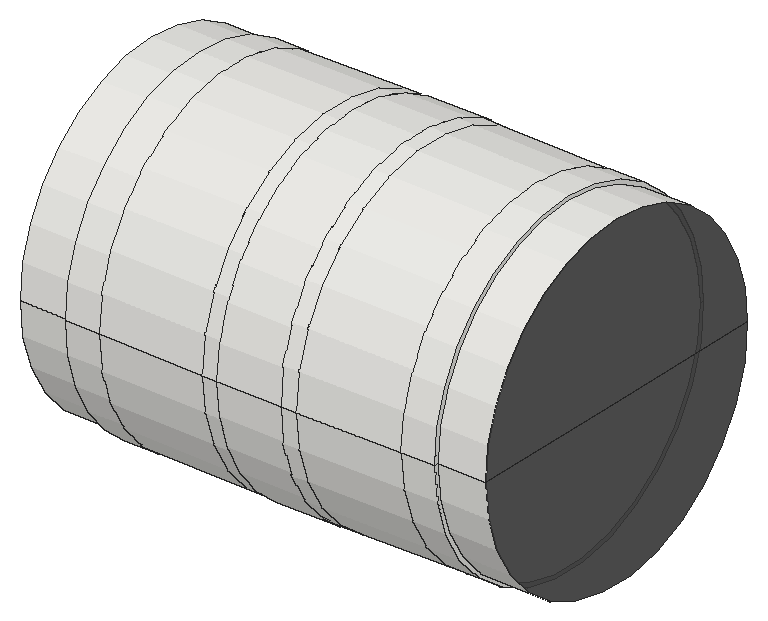
Revit family "HARMANN-Wentylator-Harmann-ML-EC-A_Wywiewny", category Wyposażenie mechaniczne, Revit 2022
Family settings
  Wymiar okrągłego złącza = Użyj średnicy
  Typ części = Dzieli na
  Oparty na płaszczyźnie roboczej = Nie
  Zawsze pionowo = Tak
  Tnij formami wycięć po wczytaniu = Nie
  Zachowaj orientację opisów = Nie
  Współdzielony = Nie
  Punkt obliczania pomieszczeń = Nie
Parameters (values of type "ML EC.A 315/2100")
  wz_a0 = 157.5 mm
  wz [instance] = wz_a0  # 157.5 mm
  wy_a0 = 53.9 mm
  wy [instance] = wy_a0  # 53.9 mm
  wx_a0 = 0.0 mm
  wx [instance] = wx_a0  # 0.0 mm
  s1 = dn  # 315.0 mm
  n1_γ1 [instance] = Określ Kąt Obrotu Korpusu Wentylatora - rounddown(Określ Kąt Obrotu Korpusu Wentylatora / 360.00°) * 360.00°  # 0.00°
  l2_a0 = 177.0 mm
  l2 [instance] = l2_a0  # 177.0 mm
  l1_a0 = 177.0 mm
  l1 [instance] = l1_a0  # 177.0 mm
  dn = 315.0 mm
  Zasilanie Współczynnik Mocy = 0.41
  Zasilanie Rodzaj Sterowania = "Sterowanie napięciem 0-10V"
  Zasilanie Natężenie = 2.7 A
  Zasilanie Napięcie Nominalne = 230 V
  Zasilanie Moc Pozorna = 621 VA
  Zasilanie Moc = 254 W
  Zasilanie Konfiguracja Uzwojeń = "n/d"
  Zasilanie Ilość Faz = 1
  Zasilanie Częstotliwość Nominalna = 50 Hz
  Uwaga Użytkownika [instance] = ""
  Uwaga Układ [instance] = ""
  Uwaga Oznaczenie [instance] = ""
  Uwaga Ostrzeżenie [instance] = ""
  Typoszereg Symbol [instance] = "ML EC.A"  # constant formula
  Typoszereg Nazwa [instance] = "Wentylator Kanałowy ML EC.A"  # constant formula
  Systematyka Rodzaj = "Wentylator Kanałowy"  # constant formula
  Systematyka Klasa = "Wentylator"  # constant formula
  Systematyka Dziedzina = "Instalacje Wentylacyjne"  # constant formula
  Systematyka Branża = "Instalacje Sanitarne"  # constant formula
  Punkt Pracy Wentylatora Warunki Nominalne [instance] = "Parametry mechaniczne określone z uwzględnieniem dedykowanej regulacji"  # constant formula
  Prt Komponent N2 = GE-Komponent-ParaForma-Harmann-ML-N2a : 315/2100
  Prt Komponent N1 = GE-Komponent-ParaForma-Harmann-ML-N1a : ML EC.A 315/2100
  Producent URL = ""
  Producent Nazwa = "Harmann Polska Sp. z o.o."  # constant formula
  Powietrze Wywiewane Temperatura Rzeczywista Wylot [instance] = Podaj Rzeczywistą Temperaturę Powietrza  # -273.15 °C
  Powietrze Wywiewane Temperatura Rzeczywista Wlot [instance] = Podaj Rzeczywistą Temperaturę Powietrza  # -273.15 °C
  Powietrze Wywiewane Temperatura Maksymalna = 50.0 °C
  Powietrze Wywiewane Przepływ Rzeczywisty Wylot [instance] = Powietrze Wywiewane Przepływ Rzeczywisty Wlot  # 0 m³/h
  Powietrze Wywiewane Przepływ Rzeczywisty Wlot [instance] = 0 m³/h
  Powietrze Wywiewane Przepływ Nominalny = 1000 m³/h
  Powietrze Wywiewane Przepływ Maksymalny = 2100 m³/h
  Powietrze Wywiewane Poziom Mocy Akustycznej Rzeczywisty Wylot [instance] = Podaj Rzeczywisty Poziom Mocy Akustycznej na Wylocie  # 0
  Powietrze Wywiewane Poziom Mocy Akustycznej Rzeczywisty Wlot [instance] = Podaj Rzeczywisty Poziom Mocy Akustycznej na Wlocie  # 0
  Powietrze Wywiewane Poziom Mocy Akustycznej Nominalny Wylot = 64
  Powietrze Wywiewane Poziom Mocy Akustycznej Nominalny Wlot = 61
  Powietrze Wywiewane Ciśnienie Statyczne Rzeczywiste [instance] = 0.0 Pa
  Powietrze Wywiewane Ciśnienie Statyczne Nominalne = 150.0 Pa
  Powietrze Wywiewane Ciśnienie Statyczne Maksymalne = 700.0 Pa
  Podaj Rzeczywistą Temperaturę Powietrza [instance] = -273.15 °C
  Podaj Rzeczywistą Temperaturę Otoczenia [instance] = -273.15 °C
  Podaj Rzeczywisty Spręż Wentylatora [instance] = 0.0 Pa
  Podaj Rzeczywisty Poziom Mocy Akustycznej od Obudowy [instance] = 0
  Podaj Rzeczywisty Poziom Mocy Akustycznej na Wylocie [instance] = 0
  Podaj Rzeczywisty Poziom Mocy Akustycznej na Wlocie [instance] = 0
  Podaj Rzeczywiste Opory Instalacji [instance] = 0.0 Pa
  Otoczenie Temperatura Rzeczywista [instance] = Podaj Rzeczywistą Temperaturę Otoczenia  # -273.15 °C
  Otoczenie Temperatura Minimalna = -20.0 °C
  Otoczenie Temperatura Maksymalna = 50.0 °C
  Otoczenie Poziom Mocy Akustycznej Rzeczywisty Obudowa [instance] = Podaj Rzeczywisty Poziom Mocy Akustycznej od Obudowy  # 0
  Otoczenie Poziom Mocy Akustycznej Nominalny Obudowa = 54
  Otoczenie Poziom Ciśnienia Akustycznego Nominalny z 03 m = 47
  Otoczenie Poziom Ciśnienia Akustycznego Nominalny z 01 m = 50
  Keynote = "ML EC.A 315/2100"
  Opis = "Kanałowy wentylator EC"
  Określ Kąt Obrotu Korpusu Wentylatora [instance] = 0.00°
  Object Version = "1.00"  # constant formula
  Object URL = ""
  Object Revit = "2017"  # constant formula
  Object Language = "PL"  # constant formula
  Object ID = "F000054RFAPL"  # constant formula
  Object Destination = "PL"  # constant formula
  Object Date = "2018.11.30"  # constant formula
  Model = "ML EC.A 315/2100"
  Masa Netto = 8.5 kg
  Producent = "Harmann Polska Sp. z o.o."  # constant formula
  Kod Zamówienia = "ML EC.A 315/2100"
  Kod Typoszereg = "ML EC.A"  # constant formula
  Kod Producent = "Harmann"  # constant formula
  Kod Numer Katalogowy = "03152100"
  IfcExportType = "NOTDEFINED"  # constant formula
  IfcExportAs = "IfcFanType"  # constant formula
  Domyślna rzędna = 0.0 mm
  Copyright URL = ""
  Copyright = "© Harmann Polska Sp. z o.o. Wszelkie prawa zastrzeżone."
  Autor URL = ""
  Autor Nazwa = ""
Types (6, lengths in mm): name | wz_a0 | wz | s1 | l2_a0 | l2 | l1_a0 | l1 | dn | Zasilanie Współczynnik Mocy | Zasilanie Natężenie | Zasilanie Moc Pozorna | Zasilanie Moc | Prt Komponent N2 | Prt Komponent N1 | Powietrze Wywiewane Przepływ Nominalny | Powietrze Wywiewane Przepływ Maksymalny | Powietrze Wywiewane Poziom Mocy Akustycznej Nominalny Wylot | Powietrze Wywiewane Poziom Mocy Akustycznej Nominalny Wlot | Powietrze Wywiewane Ciśnienie Statyczne Nominalne | Powietrze Wywiewane Ciśnienie Statyczne Maksymalne | Otoczenie Poziom Mocy Akustycznej Nominalny Obudowa | Otoczenie Poziom Ciśnienia Akustycznego Nominalny z 03 m | Otoczenie Poziom Ciśnienia Akustycznego Nominalny z 01 m | Keynote | Opis | Model | Masa Netto | Kod Zamówienia | Kod Numer Katalogowy | Copyright
  ML EC.A 100/280 | 88.5 | 88.5 | 100.0 | 119.0 | 119.0 | 119.0 | 119.0 | 100.0 | 0.35 | 0.25 A | 57.5 VA | 20 W | GE-Komponent-ParaForma-Harmann-ML-N2a : 100/280 | GE-Komponent-ParaForma-Harmann-ML-N1a : ML EC.A 100/280 | 150 m³/h | 280 m³/h | 53 | 52 | 60.0 Pa | 160.0 Pa | 42 | 35 | 38 | "ML EC.A 100/280" | "Kanałowy wentylator  EC" | "ML EC.A 100/280" | 2.0 kg | "ML EC.A 100/280" | "01002800" | "© Harmann Polska Sp. z o.o.  Wszelkie prawa zastrzeżone."
  ML EC.A 125/300 | 88.5 | 88.5 | 125.0 | 99.5 | 99.5 | 99.5 | 99.5 | 125.0 | 0.21 | 0.27 A | 61 VA | 18 W | GE-Komponent-ParaForma-Harmann-ML-N2a : 125/300 | GE-Komponent-ParaForma-Harmann-ML-N1a : ML EC.A 125/300 | 200 m³/h | 300 m³/h | 55 | 55 | 50.0 Pa | 140.0 Pa | 41 | 34 | 37 | "ML EC.A 125/300" | "Kanałowy wentylator  EC" | "ML EC.A 125/300" | 1.8 kg | "ML EC.A 125/300" | "01253000" | "© Harmann Polska Sp. z o.o.  Wszelkie prawa zastrzeżone."
  ML EC.A 150-160/530 | 99.5 | 99.5 | 160.0 | 145.0 | 145.0 | 145.0 | 145.0 | 160.0 | 0.62 | 0.35 A | 80 VA | 50 W | GE-Komponent-ParaForma-Harmann-ML-N2a : 150-160/530 | GE-Komponent-ParaForma-Harmann-ML-N1a : ML EC.A 150-160/530 | 350 m³/h | 530 m³/h | 58 | 55 | 80.0 Pa | 350.0 Pa | 43 | 36 | 439 | "ML EC.A 150-160/550" | "Kanałowy wentylator  EC" | "ML EC.A 150-160/550" | 2.7 kg | "ML EC.A 150-160/550" | "01505300" | "© Harmann Polska Sp. z o.o. Wszelkie prawa zastrzeżone."
  ML EC.A 200/1150 | 111.0 | 111.0 | 200.0 | 120.0 | 120.0 | 120.0 | 120.0 | 200.0 | 0.68 | 1.05 A | 241 VA | 165 W | GE-Komponent-ParaForma-Harmann-ML-N2a : 200/1150 | GE-Komponent-ParaForma-Harmann-ML-N1a : ML EC.A 200/1150 | 700 m³/h | 1100 m³/h | 62 | 60 | 100.0 Pa | 450.0 Pa | 48 | 41 | 44 | "ML EC.A 200/950" | "Kanałowy wentylator EC" | "ML EC.A 200/950" | 4.3 kg | "ML EC.A 200/950" | "02001150" | "© Harmann Polska Sp. z o.o. Wszelkie prawa zastrzeżone."
  ML EC.A 250/1650 | 111.0 | 111.0 | 250.0 | 159.5 | 159.5 | 159.5 | 159.5 | 250.0 | 0.42 | 2.7 A | 614 VA | 255 W | GE-Komponent-ParaForma-Harmann-ML-N2a : 250/1650 | GE-Komponent-ParaForma-Harmann-ML-N1a : ML EC.A 250/1650 | 900 m³/h | 1600 m³/h | 60 | 59 | 120.0 Pa | 600.0 Pa | 51 | 44 | 47 | "ML EC.A 250/1650" | "Kanałowy wentylator EC" | "ML EC.A 250/1650" | 6.5 kg | "ML EC.A 250/1650" | "02501650" | "© Harmann Polska Sp. z o.o.  Wszelkie prawa zastrzeżone."
  ML EC.A 315/2100 | 157.5 | 157.5 | 315.0 | 177.0 | 177.0 | 177.0 | 177.0 | 315.0 | 0.41 | 2.7 A | 621 VA | 254 W | GE-Komponent-ParaForma-Harmann-ML-N2a : 315/2100 | GE-Komponent-ParaForma-Harmann-ML-N1a : ML EC.A 315/2100 | 1000 m³/h | 2100 m³/h | 64 | 61 | 150.0 Pa | 700.0 Pa | 54 | 47 | 50 | "ML EC.A 315/2100" | "Kanałowy wentylator EC" | "ML EC.A 315/2100" | 8.5 kg | "ML EC.A 315/2100" | "03152100" | "© Harmann Polska Sp. z o.o. Wszelkie prawa zastrzeżone."
Reference planes
  plane 1 "XZC00": y = 0
  plane 2 "XYC00": z = 0
  plane 3 "YZC00": x = 0
  plane 4 "YZN99": x = -1000
  plane 5 "XZN99": y = -1000
  plane 6 "XYP99": z = 1000
  plane 7 "XYN99": z = -1000
  plane 8 "YZP99": x = 1000
  plane 9 "XZP99": y = 1000
  plane 10 "XZP01": y = 0
  plane 11 "YZP01": x = 0
  plane 12 "XYP01": z = 0
  plane 13 "YZP41": x = 0
Lines and regions (mm)
  reference lines
    curve 1: line (0, -100, 0) -> (0, 0, 0)
    curve 2: line (0, 0, 0) -> (0, 0, -100)
    curve 3: line (-177, 0, 0) -> (0, 0, 0)
    curve 4: line (0, 0, 0) -> (177, 0, 0)
    curve 5: line (0, 0, -157.5) -> (0, 0, 0)
    curve 6: line (0, 0, -157.5) -> (0, 53.9, -157.5)
Dimensions and locks
  locked: curve 1 to curve 1 at 100
  locked: curve 2 to curve 2 at 100
  "l1": curve 3 to plane 11 "YZP01"
  "l2": plane 11 "YZP01" to curve 4
  "wz": curve 5 to curve 5
  "wy": curve 5 to curve 6
  "wx": plane 11 "YZP01" to plane 13 "YZP41"
  "n1_γ1": angle curve 1 to plane 12 "XYP01"
  "n1_γ1": angle nested 1 to plane 12 "XYP01"
  "n1_γ1": angle curve 2 to plane 10 "XZP01"
  "n1_γ1": angle curve 5 to plane 10 "XZP01"
  "n1_γ1": angle curve 6 to plane 12 "XYP01"
  aligned and locked: level to plane 2 "XYC00"
  aligned and locked: curve 1 to nested 1
  aligned and locked: plane 12 "XYP01" to curve 2
  aligned and locked: plane 10 "XZP01" to curve 2
  aligned and locked: nested 1 to curve 2
  aligned and locked: plane 3 "YZC00" to plane 11 "YZP01"
  aligned and locked: plane 10 "XZP01" to plane 1 "XZC00"
  aligned and locked: plane 12 "XYP01" to plane 2 "XYC00"
  aligned and locked: curve 3 to plane 10 "XZP01"
  aligned and locked: plane 11 "YZP01" to curve 4
  aligned and locked: curve 4 to plane 10 "XZP01"
  aligned and locked: plane 12 "XYP01" to curve 5
  aligned and locked: plane 10 "XZP01" to curve 5
  aligned and locked: plane 12 "XYP01" to nested 2
  aligned and locked: plane 10 "XZP01" to nested 2
  aligned and locked: plane 11 "YZP01" to nested 2
Nested families
  nested 1: "GE-Komponent-ParaForma-Harmann-ML-N1a" at (0, 0, 0), type <- "Prt Komponent N1", type "ML EC.A 315/2100"
    with p3_r2 111.5 mm, p3_l2 45.0 mm, p3_h2 131.5 mm, p1_w6 45.0 mm, p1_w5 145.0 mm, p1_w3 177.0 mm, p1_w1 223.0 mm, p1_h7 162.5 mm, p1_h6 162.0 mm, p1_h4 161.0 mm, p1_h2 157.5 mm
  nested 2: "GE-Symbol-ParaForma-Harmann-Wentylator-Kanałowy" at (0, 0, 0), l1 <- "l1", l2 <- "l2", s <- "s1", type "Harmann"
    with s100 315.0 mm, s075 236.25 mm, s050 157.5 mm, s025 78.75 mm, s000 75.0 mm, s 315.0 mm, l2_a1 177.0 mm, l2_a0 157.5 mm, l2 177.0 mm, l1_a1 177.0 mm, l1_a0 157.5 mm, l1 177.0 mm, Vis YP yes, Vis XP no, Vis XN no, Podłączenie Indeks 1
Connectors
  hvac at (-177, 0, 0), driven by "Powietrze Wywiewane Przepływ Rzeczywisty Wlot", driven by "dn"
    settings: on curve 3, index 1, duct flow 0 m³/h, flow factor 0, pres drop 0.0 Pa, loss coef 0, conn angle 0.00°, conn width 250 mm, conn height 250 mm, conn diameter 315 mm, duct sys type 29, conn prof type 0, flow config 0, flow direction 1, loss method 0, conn ref index -1, conn util no, is conn primary yes, conn desc ""
  hvac at (177, 0, 0), driven by "Powietrze Wywiewane Przepływ Rzeczywisty Wylot", driven by "dn"
    settings: on curve 4, index 2, duct flow 0 m³/h, flow factor 0, pres drop 0.0 Pa, loss coef 0, conn angle 0.00°, conn width 250 mm, conn height 250 mm, conn diameter 315 mm, duct sys type 29, conn prof type 0, flow config 1, flow direction 2, loss method 0, conn ref index -1, conn util no, is conn primary no, conn desc ""
  electrical at (0, 53.9, -157.5), driven by "Zasilanie Napięcie Nominalne", driven by "Zasilanie Moc Pozorna", driven by "Zasilanie Współczynnik Mocy", driven by "Zasilanie Ilość Faz"
    settings: on curve 6, index 3, voltage 230 V, apparent load 621 VA, apparent load phase1 0 VA, apparent load phase2 0 VA, apparent load phase3 0 VA, power factor 0.41, load classification "HVAC", number of poles 1, system type 30, power factor state 1, is connector primary yes, connector utility no, sub classification motor no, connector description ""
Definition of nested family "GE-Komponent-ParaForma-Harmann-ML-N1a"
  Parameters (values of type "160/550")
    p3_w1 = 55.0 mm
    p3_r2 = 100.0 mm
    p3_l2 = 22.9 mm
    p3_h2 = 121.5 mm
    p1_w7 = 30.3 mm
    p1_w6 = 37.9 mm
    p1_w5 = 123.0 mm
    p1_w3 = 133.3 mm
    p1_w1 = 175.0 mm
    p1_h7 = 100.0 mm
    p1_h6 = 94.6 mm
    p1_h4 = 83.9 mm
    p1_h2 = 80.0 mm
    Vis Komponent = yes
    Producent URL = "http://www.paraforma.pl/M0003PL"
    Producent Nazwa = "Harmann Polska Sp. z o.o."  # constant formula
    Object Version = "1.00"  # constant formula
    Object Revit = "2017"  # constant formula
    Object Language = "PL"  # constant formula
    Object Destination = "PL"  # constant formula
    Object Date = "2018.11.30"  # constant formula
    Manufacturer = "Harmann Polska Sp. z o.o."  # constant formula
    Default Elevation = 0.0 mm
    Copyright URL = "http://www.paraforma.pl/copyright"
    Copyright = "© Harmann Polska Sp. z o.o. & ParaForma Bartosz Pawłowski. Wszelkie prawa zastrzeżone."  # constant formula
    Autor URL = "http://www.paraforma.pl/"
    Autor Nazwa = "ParaForma Bartosz Pawłowski"  # constant formula
  Types (8, lengths in mm): name | p3_r2 | p3_h2 | p1_w5 | p1_w3 | p1_w1 | p1_h7 | p1_h6 | p1_h4 | p1_h2
    100/300 | 89.0 | 105.0 | 97.0 | 107.3 | 149.0 | 89.0 | 83.6 | 53.9 | 50.0
    100/300T | 89.0 | 105.0 | 97.0 | 107.3 | 149.0 | 89.0 | 83.6 | 53.9 | 50.0
    125/350 | 89.0 | 105.0 | 77.5 | 87.8 | 129.5 | 89.0 | 83.9 | 66.4 | 62.5
    150/550 | 100.0 | 121.5 | 123.0 | 133.3 | 175.0 | 100.0 | 94.9 | 78.9 | 75.0
    150/550T | 100.0 | 121.5 | 123.0 | 133.3 | 175.0 | 100.0 | 94.9 | 78.9 | 75.0
    160/550 | 100.0 | 121.5 | 123.0 | 133.3 | 175.0 | 100.0 | 94.6 | 83.9 | 80.0
    160/550T | 100.0 | 121.5 | 123.0 | 133.3 | 175.0 | 100.0 | 94.6 | 83.9 | 80.0
    200/950 | 111.5 | 131.5 | 98.0 | 108.3 | 150.0 | 111.5 | 106.1 | 103.9 | 100.0
  Reference planes
    plane 1 "XZC00": y = 0
    plane 2 "XYC00": z = 0
    plane 3 "YZC00": x = 0
    plane 4 "YZN99": x = -1000
    plane 5 "XZN99": y = -1000
    plane 6 "XYP99": z = 1000
    plane 7 "XYN99": z = -1000
    plane 8 "YZP99": x = 1000
    plane 9 "XZP99": y = 1000
    plane 10 "XZC01": y = 0
    plane 11 "YZC01": x = 0
    plane 12 "XYC01": z = 0
    plane 13 "XZC02": y = 0
    plane 14 "YZC02": x = 0
    plane 15 "XYC02": z = 0
  Forms (mm)
    Revolve 1, solid, detail levels fine
      sketch origin (0, 0, 0) x (1, 0, 0) y (0, 1, 0)
        loop
          line (-175, 0) -> (175, 0) -> (175, 80) -> (133.3, 80) -> (133.3, 83.9) -> (123, 83.9) -> (37.9, 94.6) -> (30.3, 100) -> (-30.3, 100) -> (-37.9, 94.6) -> (-123, 83.9) -> (-133.3, 83.9) -> (-133.3, 80) -> (-175, 80) -> (-175, 0)
        axis (-175, 0) -> (175, 0)
      angle from 0 to 360
    Sweep 2, solid, detail levels fine
      path origin (0, 0, 0) x (1, 0, 0) y (0, 1, 0)
        loop
          line (-22.9, 0) -> (22.9, 0)
      profile origin (0, 0, 0) x (0, 1, 0) y (0, 0, 1)
        loop
          line (55, 0) -> (-55, 0) -> (-55, -121.5)
          arc (-55, -121.5) -> (0, -137.984) -> (55, -121.5) r 100
          line (55, -121.5) -> (55, 0)
    Revolve 3, solid, detail levels medium
      sketch origin (3000, 0, 0) x (1, 0, 0) y (0, 1, 0)
        loop
          line (-3175, 0) -> (-2825, 0) -> (-2825, 80) -> (-2866.7, 80) -> (-2866.7, 83.9) -> (-2969.7, 100) -> (-3030.3, 100) -> (-3133.3, 83.9) -> (-3133.3, 80) -> (-3175, 80) -> (-3175, 0)
        axis (-3175, 0) -> (-2825, 0)
      angle from 0 to 360
  Cuts and joins
    joined: Revolve 1, Sweep 2
  Dimensions and locks
    "p1_w1": Revolve 1 sketch curve to plane 11 "YZC01"  (x2)
    "p1_w1": plane 11 "YZC01" to Revolve 1 sketch curve  (x2)
    "p1_w7": Revolve 1 sketch curve to plane 11 "YZC01"
    "p1_w7": plane 11 "YZC01" to Revolve 1 sketch curve
    "p1_w3": Revolve 1 sketch curve to plane 11 "YZC01"
    "p1_w3": plane 11 "YZC01" to Revolve 1 sketch curve
    "p1_h7": Revolve 1 sketch curve to plane 10 "XZC01"
    "p1_h2": plane 10 "XZC01" to Revolve 1 sketch curve  (x2)
    "p1_h4": plane 10 "XZC01" to Revolve 1 sketch curve  (x2)
    "p1_w5": Revolve 1 sketch curve to plane 11 "YZC01"
    "p1_w5": plane 11 "YZC01" to Revolve 1 sketch curve
    "p1_h6": Revolve 1 sketch curve to plane 10 "XZC01"  (x2)
    "p1_w6": Revolve 1 sketch curve to plane 11 "YZC01"
    "p1_w6": plane 11 "YZC01" to Revolve 1 sketch curve
    "p3_l2": Sweep 2 sketch curve to plane 11 "YZC01"
    "p3_l2": plane 11 "YZC01" to Sweep 2 sketch curve
    "p3_w1": Sweep 2 sketch curve to profile plane
    "p3_w1": profile plane to Sweep 2 sketch curve
    "p3_h2": profile plane to Sweep 2 sketch curve  (x2)
    "p1_w1": Revolve 3 sketch curve to plane 14 "YZC02"  (x2)
    "p1_w1": plane 14 "YZC02" to Revolve 3 sketch curve  (x2)
    "p1_w7": Revolve 3 sketch curve to plane 14 "YZC02"
    "p1_w7": plane 14 "YZC02" to Revolve 3 sketch curve
    "p1_w3": Revolve 3 sketch curve to plane 14 "YZC02"
    "p1_w3": plane 14 "YZC02" to Revolve 3 sketch curve
    "p1_h7": Revolve 3 sketch curve to plane 13 "XZC02"
    "p1_h2": plane 13 "XZC02" to Revolve 3 sketch curve  (x2)
    "p3_r2": radius of Sweep 2 sketch curve
    aligned and locked: level to plane 2 "XYC00"
    aligned and locked: Revolve 1 sketch curve to plane 10 "XZC01"  (x2)
    aligned and locked: plane 2 "XYC00" to plane 12 "XYC01"
    aligned and locked: plane 3 "YZC00" to plane 11 "YZC01"
    aligned and locked: plane 10 "XZC01" to plane 1 "XZC00"
    aligned and locked: Sweep 2 sketch curve to plane 10 "XZC01"
    aligned and locked: profile plane to Sweep 2 sketch curve
    aligned and locked: Revolve 3 sketch curve to plane 13 "XZC02"  (x2)
    aligned and locked: plane 13 "XZC02" to plane 1 "XZC00"
    aligned and locked: plane 14 "YZC02" to plane 3 "YZC00"
  Automatic sketch dimensions
    Revolve 3 sketch curve to Revolve 3 sketch curve = 3.9 mm  (x2)
Definition of nested family "GE-Symbol-ParaForma-Harmann-Wentylator-Kanałowy"
  Parameters (values of type "Harmann")
    s100 [instance] = s * 1  # 100.0 mm
    s075 [instance] = s * 0.75  # 75.0 mm
    s050 [instance] = s * 0.5  # 50.0 mm
    s025 [instance] = s * 0.25  # 25.0 mm
    s000 [instance] = 75.0 mm
    s [instance] = 100.0 mm
    l2_a1 [instance] = if(l2 = s / 2, l2 + 1.0 mm, l2)  # 100.0 mm
    l2_a0 [instance] = s / 2  # 50.0 mm
    l2 [instance] = 100.0 mm
    l1_a1 [instance] = if(l1 = s / 2, l1 + 1.0 mm, l1)  # 100.0 mm
    l1_a0 [instance] = s / 2  # 50.0 mm
    l1 [instance] = 100.0 mm
    Vis YP [instance] = Podłączenie Indeks = 1  # yes
    Vis XP [instance] = Podłączenie Indeks = 2  # no
    Vis XN [instance] = Podłączenie Indeks = 3  # no
    Vis Komponent = yes
    Producent URL = "http://www.paraforma.pl/M0003PL"
    Producent Nazwa = "Harmann Polska Sp. z o.o."  # constant formula
    Podłączenie Indeks [instance] = 1
    Object Version = "1.00"  # constant formula
    Object Revit = "2017"  # constant formula
    Object Language = "PL"  # constant formula
    Object Destination = "PL"  # constant formula
    Object Date = "2018.11.30"  # constant formula
    Manufacturer = "Harmann Polska Sp. z o.o."  # constant formula
    Default Elevation = 0.0 mm
    Copyright URL = "http://www.paraforma.pl/copyright"
    Copyright = "© Harmann Polska Sp. z o.o. & ParaForma Bartosz Pawłowski. Wszelkie prawa zastrzeżone."  # constant formula
    Autor URL = "http://www.paraforma.pl/"
    Autor Nazwa = "ParaForma Bartosz Pawłowski"  # constant formula
  Reference planes
    plane 1 "XZC00": y = 0
    plane 2 "XYC00": z = 0
    plane 3 "YZC00": x = 0
    plane 4 "YZN99": x = -1000
    plane 5 "XZN99": y = -1000
    plane 6 "XYP99": z = 1000
    plane 7 "XYN99": z = -1000
    plane 8 "YZP99": x = 1000
    plane 9 "XZP99": y = 1000
    plane 10 "XZC01": y = 0
    plane 11 "YZC01": x = 0
    plane 12 "XYC01": z = 0
  Lines and regions (mm)
    model lines, visible <- "Vis YP", detail levels coarse
      curve 1: line (-25, -43.301, 0) -> (-25, 43.301, 0)
      curve 2: line (50, 0, 0) -> (-25, 43.301, 0)
      curve 3: line (50, 0, 0) -> (-25, -43.301, 0)
      curve 10: line (50, 0, 0) -> (100, 0, 0)
    model lines, visible <- "Vis XP", detail levels coarse
      curve 4: line (43.301, -25, 0) -> (-43.301, -25, 0)
      curve 5: line (0, 50, 0) -> (-43.301, -25, 0)
      curve 6: line (0, 50, 0) -> (43.301, -25, 0)
      curve 11: line (0, 50, 0) -> (0, 100, 0)
    model lines, visible <- "Vis XN", detail levels coarse
      curve 7: line (-43.301, 25, 0) -> (43.301, 25, 0)
      curve 8: line (0, -50, 0) -> (43.301, 25, 0)
      curve 9: line (0, -50, 0) -> (-43.301, 25, 0)
      curve 12: line (0, -50, 0) -> (0, -100, 0)
    model lines, detail levels coarse
      curve 13: line (-100, 0, 0) -> (-50, 0, 0)
      curve 14: circle (0, 0, 0) r 50 normal (0, 0, 1)
    symbolic lines, detail levels coarse
      curve 15: line (-25, 0, -43.301) -> (-25, 0, 43.301)
      curve 16: line (-25, 0, -43.301) -> (50, 0, 0)
      curve 17: line (50, 0, 0) -> (-25, 0, 43.301)
      curve 18: line (-100, 0, 0) -> (-50, 0, 0)
      curve 20: circle (0, 0, 0) r 50 normal (0, 1, 0)
    symbolic lines, visible <- "Vis YP", detail levels coarse
      curve 19: line (50, 0, 0) -> (100, 0, 0)
    symbolic lines, visible <- "Vis XP", detail levels coarse
      curve 21: line (0, 0, 0) -> (0, 100, 0)
    symbolic lines, visible <- "Vis XN", detail levels coarse
      curve 22: line (0, 0, 0) -> (0, -100, 0)
  Dimensions and locks
    "s025": curve 1 to plane 11 "YZC01"
    "s025": curve 2 to plane 11 "YZC01"
    "s050": curve 1 to plane 11 "YZC01"
    "s050": curve 2 to plane 11 "YZC01"
    "s025": plane 11 "YZC01" to curve 3
    "s050": curve 3 to plane 11 "YZC01"
    "s025": plane 11 "YZC01" to curve 6
    "s050": curve 5 to plane 11 "YZC01"
    "s025": curve 5 to plane 11 "YZC01"
    "s050": curve 4 to plane 11 "YZC01"
    "s025": plane 11 "YZC01" to curve 4
    "s050": curve 6 to plane 11 "YZC01"
    "s025": plane 11 "YZC01" to curve 7
    "s050": curve 9 to plane 11 "YZC01"
    "s025": plane 11 "YZC01" to curve 9
    "s025": curve 8 to plane 11 "YZC01"
    "s050": curve 8 to plane 11 "YZC01"
    "s050": curve 7 to plane 11 "YZC01"
    "l1_a1": curve 13 to plane 11 "YZC01"
    "l1_a0": curve 13 to plane 11 "YZC01"
    "l2_a1": plane 10 "XZC01" to curve 12
    "l2_a0": plane 10 "XZC01" to curve 12
    "l2_a0": plane 11 "YZC01" to curve 10
    "l2_a1": plane 11 "YZC01" to curve 10
    "l2_a1": curve 11 to plane 10 "XZC01"
    "l2_a0": curve 11 to plane 10 "XZC01"
    "s025": plane 12 "XYC01" to curve 15
    "s050": curve 15 to plane 12 "XYC01"
    "s025": curve 16 to plane 12 "XYC01"
    "s050": curve 16 to plane 12 "XYC01"
    "s025": curve 17 to plane 12 "XYC01"
    "s050": curve 17 to plane 12 "XYC01"
    "l1_a1": plane 11 "YZC01" to curve 18
    "l1_a0": plane 11 "YZC01" to curve 18
    "l2_a0": curve 19 to plane 11 "YZC01"
    "l2_a1": curve 19 to plane 11 "YZC01"
    "l2_a1": curve 21 to plane 10 "XZC01"
    "l2_a1": plane 10 "XZC01" to curve 22
    "s100": diameter of curve 14
    "s100": diameter of curve 20
    aligned and locked: level to plane 2 "XYC00"
    aligned and locked: plane 3 "YZC00" to plane 11 "YZC01"
    aligned and locked: plane 10 "XZC01" to plane 1 "XZC00"
    aligned and locked: plane 12 "XYC01" to plane 2 "XYC00"
    aligned and locked: plane 11 "YZC01" to curve 14
    aligned and locked: plane 10 "XZC01" to curve 14
    aligned and locked: curve 13 to plane 10 "XZC01"
    aligned and locked: plane 11 "YZC01" to curve 11
    aligned and locked: curve 10 to plane 10 "XZC01"
    aligned and locked: curve 12 to plane 11 "YZC01"
    aligned and locked: plane 11 "YZC01" to curve 20
    aligned and locked: plane 12 "XYC01" to curve 20
    aligned and locked: curve 19 to plane 12 "XYC01"
    aligned and locked: curve 18 to plane 12 "XYC01"
    aligned and locked: curve 22 to plane 12 "XYC01"
    aligned and locked: plane 10 "XZC01" to curve 21
